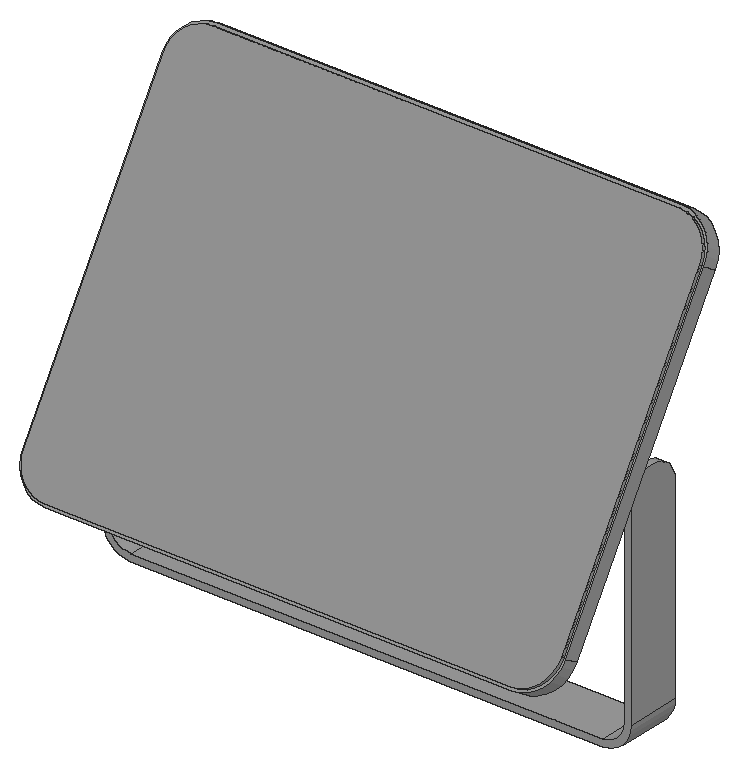
Revit family "0048240", category Lighting Fixtures, host Face, Revit 2016
Family settings
  Host = Face
  Part Type = Normal
  Round Connector Dimension = Use Diameter
  OmniClass Number = 23.80.70.00
  OmniClass Title = Lighting
  Cut with Voids When Loaded = No
  Light Source = No
  Shared = No
  Room Calculation Point = No
Parameters (values of type "0048240 START eco Flood Flat IP65 2800lm 840 White")
  WidthBracketIn_SYL = if([10W_SYL], 102.2 mm, if([30W_SYL], 143.3 mm, if([50W_SYL], 181 mm, 262.8 mm)))  # 143.3 mm
  Weight = "6.54 kg"
  Wattage Comments = ""
  WarrantyStartDate [instance] = "n/a"
  WarrantyGuarantorParts = "n/a"
  WarrantyDurationUnit = "n/a"
  WarrantyDurationParts = "n/a"
  WarrantyDescription = "n/a"
  Voltage = 0 V
  URL = "http://www.sylvania-lighting.com"
  TypeName = "START eco Flood Flat IP65 2800lm 840 White"
  TypeLight_SYL = START eco Flood Flat Lamp : 0048240 START eco Flood Flat IP65 2800lm 840 White
  Type Image = <None>
  Type Comments = "n/a"
  ThicknessBracket_SYL = if([10W_SYL], 1.5 mm, 2 mm)  # 2 mm
  SerialNumber [instance] = "n/a"
  RotationAngle_SYL [instance] = 32.00°
  RadiusBracket_SYL = if([10W_SYL], 7.7 mm, if([30W_SYL], 8 mm, if([50W_SYL], 17 mm, 14 mm)))  # 8 mm
  RadiusBracketIn_SYL = RadiusBracket_SYL - ThicknessBracket_SYL  # 6 mm
  OffsetAxis_SYL = DepthBracket_SYL / 2  # 7.5 mm
  PowerFactor = 0.9
  PowerConsumption = "30 W"
  NominalLength = 156 mm
  NominalHeight = 38 mm
  NominalDepth = 126 mm
  Name = "START eco Flood Flat IP65 2800lm 840 White"
  ModelReference = Name  # "START eco Flood Flat IP65 2800lm 840 White"
  ModelNumber = "0048240"
  Model = Name  # "START eco Flood Flat IP65 2800lm 840 White"
  Material = "adc12 housing"
  ManufacturerName = "Feilo Sylvania"
  Manufacturer = "Feilo Sylvania"
  LuminousEfficacy = "95 lm/W"
  LuminaireType = ""
  LightOutputRatio = "n/a"
  LampsType = Lamp  # "LED"
  LampNominalLuminous = "2850 lm"
  LampMacAdamStep = "n/a"
  LampColourTemperature = "4000 K"
  LampColourRenderingIndex = "80"
  Lamp = "LED"
  Keynote = "16500"
  InstallationDate [instance] = "n/a"
  InputVoltage = "n/a"
  InputNominalFrequency = "n/a"
  IngressProtection = "IP65"
  ImpactProtectionIndex = "IK06"
  IfcExportType = "IfcLightFixtureType"
  IfcExportAs = "IfcLightFixtureType"
  HeightBracket_SYL = if([10W_SYL], 55 mm, if([30W_SYL], 70 mm, if([50W_SYL], 110 mm, 141 mm)))  # 70 mm
  ExpectedLife = 30000
  EndAngle_SYL [instance] = RotationAngle_SYL + 180.00°  # 212.00°
  ElectricShockClassification = "Class I"
  DurationUnit = "hours"
  DocumentationLiterature = "http://www.sylvania-lighting.com/product/en-int/products/0048240"
  DimmingControlOptions = "n/a"
  Description = "The new Start eco Flood Flat comes with improved design. The streamlined, durable, lightweight die-cast aluminium body makes it a perfect choice for building facades, car parks, garages and construction areas. The product includes 1 m pre-wired stripped cable and fitting bracket for quick and easy installation and the universal mounting bracket allows wall or surface mounting with the possibility of vertical tilting. Black die-cast aluminum housing, white reflector, 2850 lm, 30 W, 95 lm/W, 4000K, drive current 116 mA, non dimmable, CRI>80, IP65, IK06, Class I, lumen maintenance L70:B50: 30000 hrs, 156 x 126 x 38 mm (L x W x H). Weight: 0.545kg. Energy class: A++ A+ A."
  DepthBracket_SYL = if([10W_SYL], 15 mm, if([30W_SYL], 15 mm, if([50W_SYL], 17 mm, 25 mm)))  # 15 mm
  Default Elevation = 1219.2 mm
  CreatedOn = "10/8/2018"
  CreatedBy = "@sylvania-lighting.com"
  Cost = 0
  built-in parameter 1114216 [instance] = (empty or 0)
  ClassificationValue = "EF_70_80"
  ClassificationName = "Uniclass2015"
  Material_1_SYL = Body-Sylvania-FloodFlat-Black
  BarCode [instance] = "n/a"
  AssetType = "Fixed"
  AssetIdentifier [instance] = "n/a"
  Assembly Code = "D5020200"
  Apparent Load = 30 VA
  50W_SYL = no
  30W_SYL = yes
  10W_SYL = no
Reference planes
  plane 1 "Center (Front/Back)": y = 0
  plane 2: z = 0
  plane 3 "Center (Left/Right)": x = 0
  plane 4: x = -73.65
  plane 5: x = 73.65
  plane 6: z = 70
  plane 7: z = 62.5
  plane 8: x = -71.65
  plane 9: x = 71.65
  plane 10: z = 2
  plane 11: y = 7.5
  plane 12: y = -7.5
  plane 13: x = -65.65
  plane 14: z = 8
  plane 15: x = 65.65
  plane 16: y = -9.5
  plane 17: z = 72
  plane 18: y = 9.5
Forms (mm)
  Extrusion 1, solid, material "Body-Sylvania-FloodFlat-Black" <- "Material_1_SYL"
    sketch origin (0, 0, 0) x (1, 0, 0) y (0, 0, 1)
      loop
        line (-71.65, 70) -> (-73.65, 70) -> (-73.65, 8)
        arc (-73.65, 8) -> (-71.307, 2.343) -> (-65.65, 0) r 8
        line (-65.65, 0) -> (65.65, 0)
        arc (65.65, 0) -> (71.307, 2.343) -> (73.65, 8) r 8
        line (73.65, 8) -> (73.65, 70) -> (71.65, 70) -> (71.65, 8)
        arc (71.65, 8) -> (69.893, 3.757) -> (65.65, 2) r 6
        line (65.65, 2) -> (-65.65, 2)
        arc (-65.65, 2) -> (-69.893, 3.757) -> (-71.65, 8) r 6
        line (-71.65, 8) -> (-71.65, 70)
    from -7.5 to 7.5
  Extrusion 2, void
    sketch origin (0, 0, 0) x (0, 1, 0) y (0, 0, 1)
      loop
        line (7.5, 62.5) -> (9.5, 62.5) -> (9.5, 72) -> (-9.5, 72) -> (-9.5, 62.5) -> (-7.5, 62.5)
        arc (-7.5, 62.5) -> (0, 70) -> (7.5, 62.5) r 7.5
    from -73.65 to 73.65
  Revolve 3, solid, not visible
    sketch origin (0, 0, 0) x (1, 0, 0) y (0, 0, 1)
      loop
        line (0, 62.5) -> (0, 70) -> (-12.336, 70) -> (-12.336, 62.5) -> (0, 62.5)
      axis (0, 62.5) -> (-12.336, 62.5)
    angle from 32 <- "RotationAngle_SYL" to 212 <- "EndAngle_SYL"
Cuts and joins
  Extrusion 2 cuts Extrusion 1
Dimensions and locks
  equal spacing: plane 9, plane 3 "Center (Left/Right)", plane 8
  "WidthBracketIn_SYL": plane 9 to plane 8
  "ThicknessBracket_SYL": plane 8 to plane 4
  "ThicknessBracket_SYL": plane 5 to plane 9
  "ThicknessBracket_SYL": plane 10 to plane 2
  equal spacing: plane 12, plane 1 "Center (Front/Back)", plane 11
  "DepthBracket_SYL": plane 12 to plane 11
  "OffsetAxis_SYL": plane 7 to plane 6
  "HeightBracket_SYL": plane 6 to plane 2
  "RadiusBracket_SYL": plane 14 to plane 2
  equal spacing: plane 15, plane 3 "Center (Left/Right)", plane 13
  "RadiusBracket_SYL": plane 13 to plane 4
  equal spacing: plane 16, plane 1 "Center (Front/Back)", plane 18
  locked: plane 16 to plane 12 at 2
  locked: plane 6 to plane 17 at 2
  "RadiusBracket_SYL": radius of Extrusion 1 sketch curve  (x2)
  "RadiusBracketIn_SYL": radius of Extrusion 1 sketch curve  (x2)
  aligned and locked: plane 2 to host face
  aligned and locked: level to host face
  aligned and locked: Extrusion 1 sketch curve to plane 6  (x2)
  aligned and locked: Extrusion 1 sketch curve to plane 4
  aligned and locked: plane 5 to Extrusion 1 sketch curve
  aligned and locked: Extrusion 1 sketch curve to plane 9
  aligned and locked: Extrusion 1 sketch curve to plane 2
  aligned and locked: plane 13 to Extrusion 1 sketch curve
  aligned and locked: plane 14 to Extrusion 1 sketch curve  (x2)
  aligned and locked: plane 15 to Extrusion 1 sketch curve
  aligned and locked: Extrusion 1 to plane 11
  aligned and locked: plane 12 to Extrusion 1
  aligned and locked: plane 11 to Extrusion 2 sketch curve
  aligned and locked: plane 1 "Center (Front/Back)" to Extrusion 2 sketch curve
  aligned and locked: plane 7 to Extrusion 2 sketch curve
  aligned and locked: plane 17 to Extrusion 2 sketch curve
  aligned and locked: plane 18 to Extrusion 2 sketch curve
  aligned and locked: Extrusion 2 sketch curve to plane 16
  aligned and locked: Extrusion 2 sketch curve to plane 7  (x2)
  aligned and locked: plane 5 to Extrusion 2
  aligned and locked: Extrusion 2 to plane 4
  aligned and locked: Revolve 3 sketch curve to plane 7  (x2)
  aligned and locked: Revolve 3 sketch curve to plane 3 "Center (Left/Right)"
  aligned and locked: plane 6 to Revolve 3 sketch curve
  aligned and locked: plane 3 "Center (Left/Right)" to nested 1
Automatic sketch dimensions
  host sketch curve to host sketch curve = 2438.4 mm  (x2)
  Revolve 3 sketch curve to plane 3 "Center (Left/Right)" = 12.336 mm
  Revolve 3 sketch curve to plane 4 = 1122.5 mm
  plane 5 to Revolve 3 sketch curve = 1130.9 mm
Nested families
  nested 1: "START eco Flood Flat Lamp" at (0, 3.021, 67.334) x (1, 0, 0) z (0, -0.848, 0.5299), type <- "TypeLight_SYL", type "0048240 START eco Flood Flat IP65 2800lm 840 White"
    with built-in parameter 1114216 (empty or 0), Width_SYL 151 mm, WidthLEDBoard_SYL 83 mm, WidthVignette_SYL 120 mm, WidthBoltHousing_SYL 15.5 mm, ThicknessScreen_SYL 5.2 mm, RotationAxisFromTop_SYL 61.7 mm, RadiusLEDBoard_SYL 2 mm, RadiusDiffuser_SYL 9.9 mm, RadiusCorners_SYL 10.7 mm, RadiusBoltHousing_SYL 4.9 mm, RadiusBack_SYL 8.117 mm, RadiusBackB_SYL 6.179 mm, OffsetYBack_SYL 7.75 mm, OffsetYBackB_SYL 1.938 mm, OffsetXBack_SYL 7.75 mm, OffsetXBackB_SYL 1.938 mm, OffsetBoltHousing_SYL 3.875 mm, InsertionPlaneFromTop_SYL 14.5 mm, Height_SYL 112 mm, HeightVignette_SYL 81 mm, HeightLEDBoard_SYL 39 mm, DepthLEDBoard_SYL 2.211 mm, DepthBack_SYL 14.7 mm, RadiusVignette_SYL 4.1 mm, DepthReflector_SYL 9.95 mm, Apparent Load 30 VA, 30W_SYL yes
Connectors
  electrical at (0, 0, 0), driven by "Apparent Load", driven by "PowerFactor", driven by "Voltage"
    settings: index 1, voltage 0 V, apparent load 30 VA, apparent load phase1 0 VA, apparent load phase2 0 VA, apparent load phase3 0 VA, power factor 0.9, load classification "Lighting", number of poles 1, system type 30, power factor state 1, is connector primary yes, connector utility no, sub classification motor no, connector description ""
Definition of nested family "START eco Flood Flat Lamp"
  Parameters (values of type "0047977 ST E FLD FLT IP65 9000LM 840")
    Width_SYL = if([10W_SYL], 110 mm, if([30W_SYL], 151 mm, if([50W_SYL], 189 mm, 275 mm)))  # 275 mm
    WidthLEDBoard_SYL = if([10W_SYL], 40 mm, if([30W_SYL], 83 mm, if([50W_SYL], 80 mm, 180 mm)))  # 180 mm
    WidthVignette_SYL = if([10W_SYL], 78.6 mm, if([30W_SYL], 120 mm, if([50W_SYL], 157 mm, 226 mm)))  # 226 mm
    WidthBoltHousing_SYL = 4 * OffsetBoltHousing_SYL  # 24.5 mm
    Wattage Comments = "n/a"
    Wattage = 100 W
    built-in parameter 1150110 = 1 (stored number, unit not read)
    URL = "http://www.sylvania-lighting.com"
    Type Image = (empty or 0)
    Type Comments = "n/a"
    built-in parameter 1114217 = 1 (stored number, unit not read)
    Tilt Angle = -90.00°
    ThicknessScreen_SYL = if([10W_SYL], 5 mm, if([30W_SYL], 5.2 mm, if([50W_SYL], 5.4 mm, 6.1 mm)))  # 6.1 mm
    ThicknessDiffuser_SYL = 0.8 mm  # constant formula
    built-in parameter 1150109 = 1 (stored number, unit not read)
    built-in parameter 1150134 = 12
    built-in parameter 1150113 = 1 (stored number, unit not read)
    RotationAxisFromTop_SYL = if([10W_SYL], 48.8 mm, if([30W_SYL], 61.7 mm, if([50W_SYL], 91.3 mm, 133.4 mm)))  # 133.4 mm
    RadiusLEDBoard_SYL = if([10W_SYL], 1.5 mm, if([30W_SYL], 2 mm, if([50W_SYL], 1.9 mm, 3.7 mm)))  # 3.7 mm
    RadiusDiffuser_SYL = RadiusCorners_SYL - ThicknessDiffuser_SYL  # 13.4 mm
    RadiusCorners_SYL = if([10W_SYL], 10.5 mm, if([30W_SYL], 10.7 mm, if([50W_SYL], 10.7 mm, 14.2 mm)))  # 14.2 mm
    RadiusBoltHousing_SYL = if([10W_SYL], 4.1 mm, if([30W_SYL], 4.9 mm, if([50W_SYL], 5 mm, 8.1 mm)))  # 8.1 mm
    RadiusBack_SYL = RadiusCorners_SYL - OffsetXBack_SYL / 3  # 10.117 mm
    RadiusBackB_SYL = RadiusBack_SYL - OffsetXBackB_SYL  # 7.054 mm
    Photometric Web File = "0047977.ies"
    PIR_SYL = no
    PIRHolderRadius_SYL = PIRBaseFillet_SYL + 2 mm  # 11 mm
    PIRFillet_SYL = 3 mm  # constant formula
    PIRBaseWidth_SYL = 38 mm
    PIRBaseFillet_SYL = PIRBaseDepth_SYL / 2  # 9 mm
    PIRBaseDepth_SYL = 18 mm
    OffsetYBack_SYL = (Height_SYL - HeightVignette_SYL) / 4  # 11 mm
    OffsetYBackB_SYL = OffsetYBack_SYL / 4  # 2.75 mm
    OffsetXBack_SYL = (Width_SYL - WidthVignette_SYL) / 4  # 12.25 mm
    OffsetXBackB_SYL = OffsetXBack_SYL / 4  # 3.063 mm
    OffsetBoltHousing_SYL = OffsetXBack_SYL / 2  # 6.125 mm
    Material_7_SYL = none
    Material_6_SYL = none
    Material_5_SYL = none
    Material_3_SYL = none
    Model = "START eco Flood Flat IP65 9000lm 840"
    Manufacturer = "Feilo Sylvania"
    built-in parameter 1150105 = 3437 (stored number, unit not read)
    Lumens = 9500 lm
    built-in parameter 1150115 = 1 (stored number, unit not read)
    built-in parameter 1150137 = (empty or 0)
    built-in parameter 1150139 = (empty or 0)
    built-in parameter 1150112 = 1 (stored number, unit not read)
    built-in parameter 1150114 = 1 (stored number, unit not read)
    Lamp = "LED"
    Keynote = "16500"
    Material_2_SYL = none
    InsertionPlaneFromTop_SYL = if([10W_SYL], 15.1 mm, if([30W_SYL], 14.5 mm, if([50W_SYL], 14.8 mm, 19.3 mm)))  # 19.3 mm
    built-in parameter 1150132 = (empty or 0)
    built-in parameter 1150102 = (empty or 0)
    built-in parameter 1150107 = 4000 (stored number, unit not read)
    built-in parameter 1150138 = (empty or 0)
    built-in parameter 1150106 = 34.37 (stored number, unit not read)
    Height_SYL = if([10W_SYL], 81.6 mm, if([30W_SYL], 112 mm, if([50W_SYL], 140.5 mm, 211 mm)))  # 211 mm
    HeightVignette_SYL = if([10W_SYL], 50 mm, if([30W_SYL], 81 mm, if([50W_SYL], 110 mm, 167 mm)))  # 167 mm
    HeightLEDBoard_SYL = if([10W_SYL], 25 mm, if([30W_SYL], 39 mm, if([50W_SYL], 56 mm, 132 mm)))  # 132 mm
    Emit from Rectangle Width = HeightVignette_SYL - 2 * RadiusVignette_SYL  # 146.2 mm
    Emit from Rectangle Length = WidthVignette_SYL - 2 * RadiusVignette_SYL  # 205.2 mm
    Emit Shape Visible in Rendering = no
    built-in parameter 1150104 = 8.8258 (stored number, unit not read)
    Dimming Lamp Color Temperature Shift = (empty or 0)
    DepthLEDBoard_SYL = (ThicknessScreen_SYL + DepthBack_SYL) / 9  # 2.289 mm
    DepthBack_SYL = if([10W_SYL], 10.2 mm, if([30W_SYL], 14.7 mm, if([50W_SYL], 16.9 mm, 14.5 mm)))  # 14.5 mm
    RadiusVignette_SYL = if([10W_SYL], 4.1 mm, if([30W_SYL], 4.1 mm, if([50W_SYL], 4.1 mm, 10.4 mm)))  # 10.4 mm
    Description = "The new Start eco Flood Flat comes with improved design. The streamlined, durable, lightweight die-cast aluminium body makes it a perfect choice for building facades, car parks, garages and construction areas. The product includes 1 m pre-wired stripped cable and fitting bracket for quick and easy installation and the universal mounting bracket allows wall or surface mounting with the possibility of vertical tilting. Black die-cast aluminum housing, white reflector, 9500 lm, 100 W, 95 lm/W, 4000K, drive current 386 mA, non dimmable, CRI>80, IP65, IK07, Class I, lumen maintenance L70:B50: 30000 hrs, 283 x 263 x 44 mm (L x W x H). Weight: 1.775kg. Energy class: A++ A+ A."
    DepthReflector_SYL = (ThicknessScreen_SYL + DepthBack_SYL) / 2  # 10.3 mm
    Default Elevation = 1219.2 mm
    Cost = 0
    Color Filter = 16777215
    built-in parameter 1114216 [instance] = (empty or 0)
    Material_1_SYL = none
    built-in parameter 1114218 = 1 (stored number, unit not read)
    built-in parameter 1150133 = 10 (stored number, unit not read)
    Assembly Code = "D5020200"
    Apparent Load = 100 VA
    Material_4_SYL = none
    50W_SYL = no
    30W_SYL = no
    10W_SYL = no
  Types (16, lengths in mm): name | Width_SYL | WidthLEDBoard_SYL | WidthVignette_SYL | WidthBoltHousing_SYL | Wattage | ThicknessScreen_SYL | built-in parameter 1150134 | RotationAxisFromTop_SYL | RadiusLEDBoard_SYL | RadiusDiffuser_SYL | RadiusCorners_SYL | RadiusBoltHousing_SYL | RadiusBack_SYL | RadiusBackB_SYL | Photometric Web File | PIR_SYL | OffsetYBack_SYL | OffsetYBackB_SYL | OffsetXBack_SYL | OffsetXBackB_SYL | OffsetBoltHousing_SYL | Model | built-in parameter 1150105 | Lumens | InsertionPlaneFromTop_SYL | built-in parameter 1150107 | built-in parameter 1150106 | Height_SYL | HeightVignette_SYL | HeightLEDBoard_SYL | Emit from Rectangle Width | Emit from Rectangle Length | built-in parameter 1150104 | DepthLEDBoard_SYL | DepthBack_SYL | RadiusVignette_SYL | Description | DepthReflector_SYL | Apparent Load | 50W_SYL | 30W_SYL | 10W_SYL
    0047977 ST E FLD FLT IP65 9000LM 840 | 275 | 180 | 226 | 24.5 | 100 W | 6.1 | 12 | 133.4 | 3.7 | 13.4 | 14.2 | 8.1 | 10.117 | 7.054 | "0047977.ies" | no | 11 | 2.75 | 12.25 | 3.063 | 6.125 | "START eco Flood Flat IP65 9000lm 840" | 3437 (stored number, unit not read) | 9500 lm | 19.3 | 4000 (stored number, unit not read) | 34.37 (stored number, unit not read) | 211 | 167 | 132 | 146.2 | 205.2 | 8.8258 (stored number, unit not read) | 2.289 | 14.5 | 10.4 | "The new Start eco Flood Flat comes with improved design. The streamlined, durable, lightweight die-cast aluminium body makes it a perfect choice for building facades, car parks, garages and construction areas. The product includes 1 m pre-wired stripped cable and fitting bracket for quick and easy installation and the universal mounting bracket allows wall or surface mounting with the possibility of vertical tilting. Black die-cast aluminum housing, white reflector, 9500 lm, 100 W, 95 lm/W, 4000K, drive current 386 mA, non dimmable, CRI>80, IP65, IK07, Class I, lumen maintenance L70:B50: 30000 hrs, 283 x 263 x 44 mm (L x W x H). Weight: 1.775kg. Energy class: A++ A+ A." | 10.3 | 100 VA | no | no | no
    0047976 ST E FLD FLT IP65 9000LM 830 | 275 | 180 | 226 | 24.5 | 100 W | 6.1 | (empty or 0) | 133.4 | 3.7 | 13.4 | 14.2 | 8.1 | 10.117 | 7.054 | "0047976.ies" | no | 11 | 2.75 | 12.25 | 3.063 | 6.125 | "START eco Flood Flat IP65 9000lm 830" | 3256.1 (stored number, unit not read) | 9000 lm | 19.3 | 3000 (stored number, unit not read) | 32.561 (stored number, unit not read) | 211 | 167 | 132 | 146.2 | 205.2 | 8.3613 (stored number, unit not read) | 2.289 | 14.5 | 10.4 | "The new Start eco Flood Flat comes with improved design. The streamlined, durable, lightweight die-cast aluminium body makes it a perfect choice for building facades, car parks, garages and construction areas. The product includes 1 m pre-wired stripped cable and fitting bracket for quick and easy installation and the universal mounting bracket allows wall or surface mounting with the possibility of vertical tilting. Black die-cast aluminum housing, white reflector, 9000 lm, 100 W, 90 lm/W, 3000K, drive current 386 mA, non dimmable, CRI>80, IP65, IK07, Class I, lumen maintenance L70:B50: 30000 hrs, 283 x 263 x 44 mm (L x W x H). Weight: 1.775kg. Energy class: A++ A+ A." | 10.3 | 100 VA | no | no | no
    0047973 ST E FLD FLT IP65 6500LM 840 | 275 | 180 | 226 | 24.5 | 70 W | 6.1 | 12 | 133.4 | 3.7 | 13.4 | 14.2 | 8.1 | 10.117 | 7.054 | "0047973.ies" | no | 11 | 2.75 | 12.25 | 3.063 | 6.125 | "START eco Flood Flat IP65 6500lm 840" | 2460.1 (stored number, unit not read) | 6650 lm | 19.3 | 4000 (stored number, unit not read) | 24.601 (stored number, unit not read) | 211 | 167 | 132 | 146.2 | 205.2 | 8.8258 (stored number, unit not read) | 2.289 | 14.5 | 10.4 | "The new Start eco Flood Flat comes with improved design. The streamlined, durable, lightweight die-cast aluminium body makes it a perfect choice for building facades, car parks, garages and construction areas. The product includes 1 m pre-wired stripped cable and fitting bracket for quick and easy installation and the universal mounting bracket allows wall or surface mounting with the possibility of vertical tilting. Black die-cast aluminum housing, white reflector, 6650 lm, 70 W, 95 lm/W, 4000K, drive current 270 mA, non dimmable, CRI>80, IP65, IK07, Class I, lumen maintenance L70:B50: 30000 hrs, 283 x 263 x 44 mm (L x W x H). Weight: 1.775kg. Energy class: A++ A+ A." | 10.3 | 70 VA | no | no | no
    0047972 ST E FLD FLT IP65 6500LM 830 | 275 | 180 | 226 | 24.5 | 70 W | 6.1 | (empty or 0) | 133.4 | 3.7 | 13.4 | 14.2 | 8.1 | 10.117 | 7.054 | "0047972.ies" | no | 11 | 2.75 | 12.25 | 3.063 | 6.125 | "START eco Flood Flat IP65 6500lm 830" | 2330.6 (stored number, unit not read) | 6300 lm | 19.3 | 3000 (stored number, unit not read) | 23.306 (stored number, unit not read) | 211 | 167 | 132 | 146.2 | 205.2 | 8.3613 (stored number, unit not read) | 2.289 | 14.5 | 10.4 | "The new Start eco Flood Flat comes with improved design. The streamlined, durable, lightweight die-cast aluminium body makes it a perfect choice for building facades, car parks, garages and construction areas. The product includes 1 m pre-wired stripped cable and fitting bracket for quick and easy installation and the universal mounting bracket allows wall or surface mounting with the possibility of vertical tilting. Black die-cast aluminum housing, white reflector, 6300 lm, 70 W, 90 lm/W, 3000K, drive current 270 mA, non dimmable, CRI>80, IP65, IK07, Class I, lumen maintenance L70:B50: 30000 hrs, 283 x 263 x 44 mm (L x W x H). Weight: 1.775kg. Energy class: A++ A+ A." | 10.3 | 70 VA | no | no | no
    0047971 ST E FLD FLT IP54 PIR 4500LM 840 | 189 | 80 | 157 | 16 | 51 W | 5.4 | 12 | 91.3 | 1.9 | 9.9 | 10.7 | 5 | 8.033 | 6.033 | "0047971.ies" | yes | 7.625 | 1.906 | 8 | 2 | 4 | "START eco Flood Flat IP54 PIR 4500lm 840" | 1695.8 (stored number, unit not read) | 4743 lm | 14.8 | 4000 (stored number, unit not read) | 16.958 (stored number, unit not read) | 140.5 | 110 | 56 | 101.8 | 148.8 | 8.64 (stored number, unit not read) | 2.478 | 16.9 | 4.1 | "The new Start eco Flood Flat comes with improved design. The streamlined, durable, lightweight die-cast aluminium body makes it a perfect choice for building facades, car parks, garages and construction areas. The product includes 1 m pre-wired stripped cable and fitting bracket for quick and easy installation and the universal mounting bracket allows wall or surface mounting with the possibility of vertical tilting. Black die-cast aluminum housing, white reflector, 4750 lm, 51 W, 93 lm/W, 4000K, drive current 193 mA, non dimmable, CRI>80, IP54, IK07 - fixture, IK05 - sensor, Class I, lumen maintenance L70:B50: 30000 hrs, 193 x 216 x 70 mm (L x W x H). Weight: 0.85kg.  PIR sensor included. Energy class: A++ A+ A." | 11.15 | 51 VA | yes | no | no
    0047970 ST E FLD FLT IP54 PIR 4500LM 830 | 189 | 80 | 157 | 16 | 51 W | 5.4 | (empty or 0) | 91.3 | 1.9 | 9.9 | 10.7 | 5 | 8.033 | 6.033 | "0047970.ies" | yes | 7.625 | 1.906 | 8 | 2 | 4 | "START eco Flood Flat IP54 PIR 4500lm 830" | 1604.6 (stored number, unit not read) | 4488 lm | 14.8 | 3000 (stored number, unit not read) | 16.046 (stored number, unit not read) | 140.5 | 110 | 56 | 101.8 | 148.8 | 8.1755 (stored number, unit not read) | 2.478 | 16.9 | 4.1 | "The new Start eco Flood Flat comes with improved design. The streamlined, durable, lightweight die-cast aluminium body makes it a perfect choice for building facades, car parks, garages and construction areas. The product includes 1 m pre-wired stripped cable and fitting bracket for quick and easy installation and the universal mounting bracket allows wall or surface mounting with the possibility of vertical tilting. Black die-cast aluminum housing, white reflector, 4500 lm, 51 W, 88 lm/W, 3000K, drive current 193 mA, non dimmable, CRI>80, IP54, IK07 - fixture, IK05 - sensor, Class I, lumen maintenance L70:B50: 30000 hrs, 193 x 216 x 70 mm (L x W x H). Weight: 0.85kg.  PIR sensor included. Energy class: A++ A+ A." | 11.15 | 51 VA | yes | no | no
    0047969 ST E FLD FLT IP65 4500LM 840 | 189 | 80 | 157 | 16 | 50 W | 5.4 | 12 | 91.3 | 1.9 | 9.9 | 10.7 | 5 | 8.033 | 6.033 | "0047969.ies" | no | 7.625 | 1.906 | 8 | 2 | 4 | "START eco Flood Flat IP65 4500lm 840" | 1698.3 (stored number, unit not read) | 4750 lm | 14.8 | 4000 (stored number, unit not read) | 16.983 (stored number, unit not read) | 140.5 | 110 | 56 | 101.8 | 148.8 | 8.8258 (stored number, unit not read) | 2.478 | 16.9 | 4.1 | "The new Start eco Flood Flat comes with improved design. The streamlined, durable, lightweight die-cast aluminium body makes it a perfect choice for building facades, car parks, garages and construction areas. The product includes 1 m pre-wired stripped cable and fitting bracket for quick and easy installation and the universal mounting bracket allows wall or surface mounting with the possibility of vertical tilting. Black die-cast aluminum housing, white reflector, 4750 lm, 50 W, 95 lm/W, 4000K, drive current 193 mA, non dimmable, CRI>80, IP65, IK07, Class I, lumen maintenance L70:B50: 30000 hrs, 193 x 190 x 48 mm (L x W x H). Weight: 0.785kg. Energy class: A++ A+ A." | 11.15 | 50 VA | yes | no | no
    0047968 ST E FLD FLT IP65 4500LM 830 | 189 | 80 | 157 | 16 | 50 W | 5.4 | (empty or 0) | 91.3 | 1.9 | 9.9 | 10.7 | 5 | 8.033 | 6.033 | "0047968.ies" | no | 7.625 | 1.906 | 8 | 2 | 4 | "START eco Flood Flat IP65 4500lm 830" | 1608.9 (stored number, unit not read) | 4500 lm | 14.8 | 3000 (stored number, unit not read) | 16.089 (stored number, unit not read) | 140.5 | 110 | 56 | 101.8 | 148.8 | 8.3613 (stored number, unit not read) | 2.478 | 16.9 | 4.1 | "The new Start eco Flood Flat comes with improved design. The streamlined, durable, lightweight die-cast aluminium body makes it a perfect choice for building facades, car parks, garages and construction areas. The product includes 1 m pre-wired stripped cable and fitting bracket for quick and easy installation and the universal mounting bracket allows wall or surface mounting with the possibility of vertical tilting. Black die-cast aluminum housing, white reflector, 4500 lm, 50 W, 90 lm/W, 3000K, drive current 193 mA, non dimmable, CRI>80, IP65, IK07, Class I, lumen maintenance L70:B50: 30000 hrs, 193 x 190 x 48 mm (L x W x H). Weight: 0.785kg. Energy class: A++ A+ A." | 11.15 | 50 VA | yes | no | no
    0047967 ST E FLD FLT IP54 PIR 2800LM 840 | 151 | 83 | 120 | 15.5 | 31 W | 5.2 | 12 | 61.7 | 2 | 9.9 | 10.7 | 4.9 | 8.117 | 6.179 | "0047967.ies" | yes | 7.75 | 1.938 | 7.75 | 1.938 | 3.875 | "START eco Flood Flat IP54 PIR 2800lm 840" | 1045.5 (stored number, unit not read) | 2852 lm | 14.5 | 4000 (stored number, unit not read) | 10.455 (stored number, unit not read) | 112 | 81 | 39 | 72.8 | 111.8 | 8.5471 (stored number, unit not read) | 2.211 | 14.7 | 4.1 | "The new Start eco Flood Flat comes with improved design. The streamlined, durable, lightweight die-cast aluminium body makes it a perfect choice for building facades, car parks, garages and construction areas. The product includes 1 m pre-wired stripped cable and fitting bracket for quick and easy installation and the universal mounting bracket allows wall or surface mounting with the possibility of vertical tilting. Black die-cast aluminum housing, white reflector, 2850 lm, 31 W, 92 lm/W, 4000K, drive current 116 mA, non dimmable, CRI>80, IP54, IK06 - fixture, IK05 - sensor, Class I, lumen maintenance L70:B50: 30000 hrs, 156 x 178 x 67 mm (L x W x H). Weight: 0.61kg.  PIR sensor included. Energy class: A++ A+ A." | 9.95 | 31 VA | no | yes | no
    0047966 ST E FLD FLT IP54 PIR 2800LM 830 | 151 | 83 | 120 | 15.5 | 31 W | 5.2 | (empty or 0) | 61.7 | 2 | 9.9 | 10.7 | 4.9 | 8.117 | 6.179 | "0047966.ies" | yes | 7.75 | 1.938 | 7.75 | 1.938 | 3.875 | "START eco Flood Flat IP54 PIR 2800lm 830" | 988.72 (stored number, unit not read) | 2697 lm | 14.5 | 3000 (stored number, unit not read) | 9.8872 (stored number, unit not read) | 112 | 81 | 39 | 72.8 | 111.8 | 8.0826 (stored number, unit not read) | 2.211 | 14.7 | 4.1 | "The new Start eco Flood Flat comes with improved design. The streamlined, durable, lightweight die-cast aluminium body makes it a perfect choice for building facades, car parks, garages and construction areas. The product includes 1 m pre-wired stripped cable and fitting bracket for quick and easy installation and the universal mounting bracket allows wall or surface mounting with the possibility of vertical tilting. Black die-cast aluminum housing, white reflector, 2700 lm, 31 W, 87 lm/W, 3000K, drive current 116 mA, non dimmable, CRI>80, IP54, IK06 - fixture, IK05 - sensor, Class I, lumen maintenance L70:B50: 30000 hrs, 156 x 178 x 67 mm (L x W x H). Weight: 0.61kg.  PIR sensor included. Energy class: A++ A+ A." | 9.95 | 31 VA | no | yes | no
    0047965 ST E FLD FLT IP65 2800LM 840 | 151 | 83 | 120 | 15.5 | 30 W | 5.2 | 12 | 61.7 | 2 | 9.9 | 10.7 | 4.9 | 8.117 | 6.179 | "0047965.ies" | no | 7.75 | 1.938 | 7.75 | 1.938 | 3.875 | "START eco Flood Flat IP65 2800lm 840" | 1044.8 (stored number, unit not read) | 2850 lm | 14.5 | 4000 (stored number, unit not read) | 10.448 (stored number, unit not read) | 112 | 81 | 39 | 72.8 | 111.8 | 8.8258 (stored number, unit not read) | 2.211 | 14.7 | 4.1 | "The new Start eco Flood Flat comes with improved design. The streamlined, durable, lightweight die-cast aluminium body makes it a perfect choice for building facades, car parks, garages and construction areas. The product includes 1 m pre-wired stripped cable and fitting bracket for quick and easy installation and the universal mounting bracket allows wall or surface mounting with the possibility of vertical tilting. Black die-cast aluminum housing, white reflector, 2850 lm, 30 W, 95 lm/W, 4000K, drive current 116 mA, non dimmable, CRI>80, IP65, IK06, Class I, lumen maintenance L70:B50: 30000 hrs, 156 x 126 x 38 mm (L x W x H). Weight: 0.545kg. Energy class: A++ A+ A." | 9.95 | 30 VA | no | yes | no
    0047964 ST E FLD FLT IP65 2800LM 830 | 151 | 83 | 120 | 15.5 | 30 W | 5.2 | (empty or 0) | 61.7 | 2 | 9.9 | 10.7 | 4.9 | 8.117 | 6.179 | "0047964.ies" | no | 7.75 | 1.938 | 7.75 | 1.938 | 3.875 | "START eco Flood Flat IP65 2800lm 830" | 989.82 (stored number, unit not read) | 2700 lm | 14.5 | 3000 (stored number, unit not read) | 9.8982 (stored number, unit not read) | 112 | 81 | 39 | 72.8 | 111.8 | 8.3613 (stored number, unit not read) | 2.211 | 14.7 | 4.1 | "The new Start eco Flood Flat comes with improved design. The streamlined, durable, lightweight die-cast aluminium body makes it a perfect choice for building facades, car parks, garages and construction areas. The product includes 1 m pre-wired stripped cable and fitting bracket for quick and easy installation and the universal mounting bracket allows wall or surface mounting with the possibility of vertical tilting. Black die-cast aluminum housing, white reflector, 2700 lm, 30 W, 90 lm/W, 3000K, drive current 116 mA, non dimmable, CRI>80, IP65, IK06, Class I, lumen maintenance L70:B50: 30000 hrs, 156 x 126 x 38 mm (L x W x H). Weight: 0.545kg. Energy class: A++ A+ A." | 9.95 | 30 VA | no | yes | no
    0047963 ST E FLD FLT IP54 PIR 900LM 840 | 110 | 40 | 78.6 | 15.7 | 11 W | 5 | 12 | 48.8 | 1.5 | 9.7 | 10.5 | 4.1 | 7.883 | 5.921 | "0047963.ies" | yes | 7.9 | 1.975 | 7.85 | 1.963 | 3.925 | "START eco Flood Flat IP54 PIR 900lm 840" | 365.78 (stored number, unit not read) | 946 lm | 15.1 | 4000 (stored number, unit not read) | 3.6578 (stored number, unit not read) | 81.6 | 50 | 25 | 41.8 | 70.4 | 7.9897 (stored number, unit not read) | 1.689 | 10.2 | 4.1 | "The new Start eco Flood Flat comes with improved design. The streamlined, durable, lightweight die-cast aluminium body makes it a perfect choice for building facades, car parks, garages and construction areas. The product includes 1 m pre-wired stripped cable and fitting bracket for quick and easy installation and the universal mounting bracket allows wall or surface mounting with the possibility of vertical tilting. Black die-cast aluminum housing, white reflector, 950 lm, 11 W, 86 lm/W, 4000K, drive current 38.6 mA, non dimmable, CRI>80, IP54, IK06 - fixture, IK05 - sensor, Class I, lumen maintenance L70:B50: 30000 hrs, 156 x 178 x 67 mm (L x W x H). Weight: 0.61kg.  PIR sensor included. Energy class: A++ A+ A." | 7.6 | 11 VA | no | no | yes
    0047962 ST E FLD FLT IP54 PIR 900LM 830 | 110 | 40 | 78.6 | 15.7 | 11 W | 5 | (empty or 0) | 48.8 | 1.5 | 9.7 | 10.5 | 4.1 | 7.883 | 5.921 | "0047962.ies" | yes | 7.9 | 1.975 | 7.85 | 1.963 | 3.925 | "START eco Flood Flat IP54 PIR 900lm 830" | 345.53 (stored number, unit not read) | 902 lm | 15.1 | 3000 (stored number, unit not read) | 3.4553 (stored number, unit not read) | 81.6 | 50 | 25 | 41.8 | 70.4 | 7.618 (stored number, unit not read) | 1.689 | 10.2 | 4.1 | "The new Start eco Flood Flat comes with improved design. The streamlined, durable, lightweight die-cast aluminium body makes it a perfect choice for building facades, car parks, garages and construction areas. The product includes 1 m pre-wired stripped cable and fitting bracket for quick and easy installation and the universal mounting bracket allows wall or surface mounting with the possibility of vertical tilting. Black die-cast aluminum housing, white reflector, 900 lm, 11 W, 82 lm/W, 3000K, drive current 38.6 mA, non dimmable, CRI>80, IP54, IK06 - fixture, IK05 - sensor, Class I, lumen maintenance L70:B50: 30000 hrs, 156 x 178 x 67 mm (L x W x H). Weight: 0.61kg.  PIR sensor included. Energy class: A++ A+ A." | 7.6 | 11 VA | no | no | yes
    0047961 ST E FLD FLT IP65 900LM 840 | 110 | 40 | 78.6 | 15.7 | 10 W | 5 | 12 | 48.8 | 1.5 | 9.7 | 10.5 | 4.1 | 7.883 | 5.921 | "0047961.ies" | no | 7.9 | 1.975 | 7.85 | 1.963 | 3.925 | "START eco Flood Flat IP65 900lm 840" | 367.33 (stored number, unit not read) | 950 lm | 15.1 | 4000 (stored number, unit not read) | 3.6733 (stored number, unit not read) | 81.6 | 50 | 25 | 41.8 | 70.4 | 8.8258 (stored number, unit not read) | 1.689 | 10.2 | 4.1 | "The new Start eco Flood Flat comes with improved design. The streamlined, durable, lightweight die-cast aluminium body makes it a perfect choice for building facades, car parks, garages and construction areas. The product includes 1 m pre-wired stripped cable and fitting bracket for quick and easy installation and the universal mounting bracket allows wall or surface mounting with the possibility of vertical tilting. Black die-cast aluminum housing, white reflector, 950 lm, 10 W, 95 lm/W, 4000K, drive current 38.6 mA, non dimmable, CRI>80, IP65, IK06, Class I, lumen maintenance L70:B50: 30000 hrs, 114 x 96 x 38 mm (L x W x H). Weight: 0.33kg. Energy class: A++ A+ A." | 7.6 | 10 VA | no | no | yes
    0047960 ST E FLD FLT IP65 900LM 830 | 110 | 40 | 78.6 | 15.7 | 10 W | 5 | (empty or 0) | 48.8 | 1.5 | 9.7 | 10.5 | 4.1 | 7.883 | 5.921 | "0047960.ies" | no | 7.9 | 1.975 | 7.85 | 1.963 | 3.925 | "START eco Flood Flat IP65 900lm 830" | 344.76 (stored number, unit not read) | 900 lm | 15.1 | 3000 (stored number, unit not read) | 3.4476 (stored number, unit not read) | 81.6 | 50 | 25 | 41.8 | 70.4 | 8.3613 (stored number, unit not read) | 1.689 | 10.2 | 4.1 | "The new Start eco Flood Flat comes with improved design. The streamlined, durable, lightweight die-cast aluminium body makes it a perfect choice for building facades, car parks, garages and construction areas. The product includes 1 m pre-wired stripped cable and fitting bracket for quick and easy installation and the universal mounting bracket allows wall or surface mounting with the possibility of vertical tilting. Black die-cast aluminum housing, white reflector, 900 lm, 10 W, 90 lm/W, 3000K, drive current 38.6 mA, non dimmable, CRI>80, IP65, IK06, Class I, lumen maintenance L70:B50: 30000 hrs, 114 x 96 x 38 mm (L x W x H). Weight: 0.33kg. Energy class: A++ A+ A." | 7.6 | 10 VA | no | no | yes
  Reference planes
    plane 1 "Center (Front/Back)": y = 0
    plane 2: z = 0
    plane 3 "Center (Left/Right)": x = 0
    plane 4: y = 105.5
    plane 5: y = -105.5
    plane 6: x = 137.5
    plane 7: x = -137.5
    plane 8: y = 83.5
    plane 9: y = -83.5
    plane 10: x = -113
    plane 11: x = 113
    plane 12: x = -123.3
    plane 13: y = 91.3
    plane 14: y = -91.3
    plane 15: x = 123.3
    plane 16: x = -102.6
    plane 17: y = 73.1
    plane 18: x = 102.6
    plane 19: y = -73.1
    plane 20: z = 19.3
    plane 21: z = 13.2
    plane 22: z = 9
    plane 23: z = -1.3
    plane 24: x = -125.25
    plane 25: y = 94.5
    plane 26: y = -94.5
    plane 27: x = 125.25
    plane 28: x = -122.187
    plane 29: x = 122.188
    plane 30: y = 91.75
    plane 31: y = -91.75
    plane 32: z = 18.5
    plane 33: x = -90
    plane 34: x = 90
    plane 35: y = 66
    plane 36: y = -66
    plane 37: z = 6.711
    plane 38: x = -136.7
    plane 39: y = 104.7
    plane 40: y = -104.7
    plane 41: x = 136.7
    plane 42: x = -131.375
    plane 43: x = 131.375
    plane 44: x = -106.875
    plane 45: x = 106.875
    plane 46 "RotationAxis": y = -27.9
    plane 47: y = -19.8
    plane 48: x = -19
    plane 49: x = 19
    plane 50: z = -10.3
    plane 51: z = 7.7
    plane 52: x = 10
    plane 53: x = -10
    plane 54: y = -155.5
    plane 55: y = -137.5
    plane 56: y = -146.5
    plane 57: x = -9
    plane 58: x = 9
    plane 59: y = -119.7
    plane 60: y = -173.3
    plane 61: x = -35.3
    plane 62: x = 35.3
    plane 63: z = 39.2
    plane 64: z = 33.7
  Forms (mm)
    Extrusion 1, solid
      sketch origin (4.2, 0, 0) x (1, 0, 0) y (0, 1, 0)
        loop
          line (-1219.2, 1219.2) -> (-1219.2, -1219.2) -> (1219.2, -1219.2) -> (1219.2, 1219.2) -> (-1219.2, 1219.2)
      from 0 to -68.017
    Extrusion 2, solid, material <- "Material_1_SYL"
      sketch origin (1223.4, -4572, 19.3) x (0, -1, 0) y (-1, 0, 0)
        loop
          line (-4677.5, 1346.7) -> (-4677.5, 1100.1)
          arc (-4677.5, 1100.1) -> (-4673.341, 1090.059) -> (-4663.3, 1085.9) r 14.2
          line (-4663.3, 1085.9) -> (-4480.7, 1085.9)
          arc (-4480.7, 1085.9) -> (-4470.659, 1090.059) -> (-4466.5, 1100.1) r 14.2
          line (-4466.5, 1100.1) -> (-4466.5, 1346.7)
          arc (-4466.5, 1346.7) -> (-4470.659, 1356.741) -> (-4480.7, 1360.9) r 14.2
          line (-4480.7, 1360.9) -> (-4663.3, 1360.9)
          arc (-4663.3, 1360.9) -> (-4673.341, 1356.741) -> (-4677.5, 1346.7) r 14.2
      from 6.1 to 0.8
    Blend 3, solid, material <- "Material_1_SYL"
      base sketch origin (1223.4, -4572, 13.2) x (0, -1, 0) y (1, 0, 0)
        loop
          arc (-4666.5, -1338.533) -> (-4663.537, -1345.687) -> (-4656.383, -1348.65) r 10.117
          line (-4656.383, -1348.65) -> (-4487.617, -1348.65)
          arc (-4487.617, -1348.65) -> (-4480.463, -1345.687) -> (-4477.5, -1338.533) r 10.117
          line (-4477.5, -1338.533) -> (-4477.5, -1108.267)
          arc (-4477.5, -1108.267) -> (-4480.463, -1101.113) -> (-4487.617, -1098.15) r 10.117
          line (-4487.617, -1098.15) -> (-4656.383, -1098.15)
          arc (-4656.383, -1098.15) -> (-4663.537, -1101.113) -> (-4666.5, -1108.267) r 10.117
          line (-4666.5, -1108.267) -> (-4666.5, -1338.533)
      top sketch origin (1223.4, -4572, 13.2) x (0, -1, 0) y (1, 0, 0)
        loop
          arc (-4663.75, -1338.533) -> (-4661.684, -1343.521) -> (-4656.696, -1345.588) r 7.054
          line (-4656.696, -1345.588) -> (-4487.304, -1345.588)
          arc (-4487.304, -1345.588) -> (-4482.316, -1343.521) -> (-4480.25, -1338.533) r 7.054
          line (-4480.25, -1338.533) -> (-4480.25, -1108.267)
          arc (-4480.25, -1108.267) -> (-4482.316, -1103.279) -> (-4487.304, -1101.213) r 7.054
          line (-4487.304, -1101.213) -> (-4656.696, -1101.213)
          arc (-4656.696, -1101.213) -> (-4661.684, -1103.279) -> (-4663.75, -1108.267) r 7.054
          line (-4663.75, -1108.267) -> (-4663.75, -1338.533)
      from 0 to -14.5
    Blend 4, void
      base sketch origin (1223.4, -4572, 18.5) x (-1, 0, 0) y (0, -1, 0)
        loop
          arc (1326, -4655.5) -> (1333.354, -4652.454) -> (1336.4, -4645.1) r 10.4
          line (1336.4, -4645.1) -> (1336.4, -4498.9)
          arc (1336.4, -4498.9) -> (1333.354, -4491.546) -> (1326, -4488.5) r 10.4
          line (1326, -4488.5) -> (1120.8, -4488.5)
          arc (1120.8, -4488.5) -> (1113.446, -4491.546) -> (1110.4, -4498.9) r 10.4
          line (1110.4, -4498.9) -> (1110.4, -4645.1)
          arc (1110.4, -4645.1) -> (1113.446, -4652.454) -> (1120.8, -4655.5) r 10.4
          line (1120.8, -4655.5) -> (1326, -4655.5)
      top sketch origin (1223.4, -4572, 18.5) x (0, -1, 0) y (1, 0, 0)
        loop
          arc (-4638, -1309.7) -> (-4636.916, -1312.316) -> (-4634.3, -1313.4) r 3.7
          line (-4634.3, -1313.4) -> (-4509.7, -1313.4)
          arc (-4509.7, -1313.4) -> (-4507.084, -1312.316) -> (-4506, -1309.7) r 3.7
          line (-4506, -1309.7) -> (-4506, -1137.1)
          arc (-4506, -1137.1) -> (-4507.084, -1134.484) -> (-4509.7, -1133.4) r 3.7
          line (-4509.7, -1133.4) -> (-4634.3, -1133.4)
          arc (-4634.3, -1133.4) -> (-4636.916, -1134.484) -> (-4638, -1137.1) r 3.7
          line (-4638, -1137.1) -> (-4638, -1309.7)
      from 0 to -9.5
    Extrusion 5, void
      sketch origin (1223.4, -4572, 9) x (-1, 0, 0) y (0, -1, 0)
        loop
          arc (1133.4, -4634.3) -> (1134.484, -4636.916) -> (1137.1, -4638) r 3.7
          line (1137.1, -4638) -> (1309.7, -4638)
          arc (1309.7, -4638) -> (1312.316, -4636.916) -> (1313.4, -4634.3) r 3.7
          line (1313.4, -4634.3) -> (1313.4, -4509.7)
          arc (1313.4, -4509.7) -> (1312.316, -4507.084) -> (1309.7, -4506) r 3.7
          line (1309.7, -4506) -> (1137.1, -4506)
          arc (1137.1, -4506) -> (1134.484, -4507.084) -> (1133.4, -4509.7) r 3.7
          line (1133.4, -4509.7) -> (1133.4, -4634.3)
      from 4.2 to -2.289
    Extrusion 6, solid, material <- "Material_3_SYL"
      sketch origin (1223.4, -4572, 19.3) x (0, -1, 0) y (-1, 0, 0)
        loop
          line (-4676.7, 1346.7) -> (-4676.7, 1100.1)
          arc (-4676.7, 1100.1) -> (-4672.775, 1090.625) -> (-4663.3, 1086.7) r 13.4
          line (-4663.3, 1086.7) -> (-4480.7, 1086.7)
          arc (-4480.7, 1086.7) -> (-4471.225, 1090.625) -> (-4467.3, 1100.1) r 13.4
          line (-4467.3, 1100.1) -> (-4467.3, 1346.7)
          arc (-4467.3, 1346.7) -> (-4471.225, 1356.175) -> (-4480.7, 1360.1) r 13.4
          line (-4480.7, 1360.1) -> (-4663.3, 1360.1)
          arc (-4663.3, 1360.1) -> (-4672.775, 1356.175) -> (-4676.7, 1346.7) r 13.4
      from 0 to 0.8
    Revolve 7, solid, material <- "Material_1_SYL"
      sketch origin (0, 0, 0) x (1, 0, 0) y (0, 1, 0)
        loop
          line (-131.375, -27.9) -> (-106.875, -27.9) -> (-106.875, -19.8) -> (-131.375, -19.8) -> (-131.375, -27.9)
        loop
          line (131.375, -27.9) -> (131.375, -19.8) -> (106.875, -19.8) -> (106.875, -27.9) -> (131.375, -27.9)
        axis (131.375, -27.9) -> (-131.375, -27.9)
      angle from 360 to 0
    Extrusion 8, solid, material <- "Material_1_SYL", visible <- "PIR_SYL"
      sketch origin (1524, -104.7, 1219.2) x (1, 0, 0) y (0, 0, 1)
        loop
          arc (-1514, -1229.5) -> (-1505, -1220.5) -> (-1514, -1211.5) r 9
          line (-1514, -1211.5) -> (-1534, -1211.5)
          arc (-1534, -1211.5) -> (-1543, -1220.5) -> (-1534, -1229.5) r 9
          line (-1534, -1229.5) -> (-1514, -1229.5)
      from 0 to -21.2
    Extrusion 9, solid, material <- "Material_6_SYL", visible <- "PIR_SYL"
      sketch origin (1524, -104.7, 1219.2) x (1, 0, 0) y (0, 0, 1)
        loop
          circle (-1524, -1220.5) r 9
      from 0 to 41.8
    Extrusion 10, solid, material <- "Material_6_SYL", visible <- "PIR_SYL"
      sketch origin (0, 0, 0) x (0, 1, 0) y (0, 0, 1)
        loop
          circle (-146.5, -1.3) r 11
      from -10 to 10
    Extrusion 11, solid, material <- "Material_6_SYL", visible <- "PIR_SYL"
      sketch origin (1223.4, -4572, -1.3) x (0, -1, 0) y (-1, 0, 0)
        loop
          circle (-4425.5, 1223.4) r 9
      from 0 to -14.5
    Extrusion 12, solid, material <- "Material_6_SYL", visible <- "PIR_SYL"
      sketch origin (1223.4, -4572, 13.2) x (0, -1, 0) y (-1, 0, 0)
        loop
          line (-4452.3, 1255.7) -> (-4452.3, 1191.1)
          arc (-4452.3, 1191.1) -> (-4451.421, 1188.979) -> (-4449.3, 1188.1) r 3
          line (-4449.3, 1188.1) -> (-4401.7, 1188.1)
          arc (-4401.7, 1188.1) -> (-4399.579, 1188.979) -> (-4398.7, 1191.1) r 3
          line (-4398.7, 1191.1) -> (-4398.7, 1255.7)
          arc (-4398.7, 1255.7) -> (-4399.579, 1257.821) -> (-4401.7, 1258.7) r 3
          line (-4401.7, 1258.7) -> (-4449.3, 1258.7)
          arc (-4449.3, 1258.7) -> (-4451.421, 1257.821) -> (-4452.3, 1255.7) r 3
      from 0 to -26
    Revolve 13, solid, material <- "Material_7_SYL", visible <- "PIR_SYL"
      sketch origin (0, -146.5, 2438.4) x (0, 0, 1) y (1, 0, 0)
        loop
          arc (-2387.2, 0) -> (-2390.514, 10.247) -> (-2399.2, 16.613) r 17.5
          line (-2399.2, 16.613) -> (-2399.2, 0) -> (-2387.2, 0)
        axis (-2399.2, 0) -> (-2387.2, 0)
      angle from 360 to 0
  Cuts and joins
    Blend 4, Extrusion 5 cuts Extrusion 2
    Blend 4, Extrusion 5 cuts Blend 3
    joined: Extrusion 2, Blend 3
  Lines and regions (mm)
    Split face 1
      outline origin (1223.4, -4572, 19.3) x (0, -1, 0) y (1, 0, 0)
        loop
          arc (-4655.5, -1326) -> (-4652.454, -1333.354) -> (-4645.1, -1336.4) r 10.4
          line (-4645.1, -1336.4) -> (-4498.9, -1336.4)
          arc (-4498.9, -1336.4) -> (-4491.546, -1333.354) -> (-4488.5, -1326) r 10.4
          line (-4488.5, -1326) -> (-4488.5, -1120.8)
          arc (-4488.5, -1120.8) -> (-4491.546, -1113.446) -> (-4498.9, -1110.4) r 10.4
          line (-4498.9, -1110.4) -> (-4645.1, -1110.4)
          arc (-4645.1, -1110.4) -> (-4652.454, -1113.446) -> (-4655.5, -1120.8) r 10.4
          line (-4655.5, -1120.8) -> (-4655.5, -1326)
  Dimensions and locks
    equal spacing: plane 5, plane 1 "Center (Front/Back)", plane 4
    "Height_SYL": plane 5 to plane 4
    equal spacing: plane 7, plane 3 "Center (Left/Right)", plane 6
    "Width_SYL": plane 7 to plane 6
    equal spacing: plane 10, plane 3 "Center (Left/Right)", plane 11
    equal spacing: plane 9, plane 1 "Center (Front/Back)", plane 8
    "HeightVignette_SYL": plane 9 to plane 8
    "WidthVignette_SYL": plane 10 to plane 11
    equal spacing: plane 12, plane 3 "Center (Left/Right)", plane 15
    equal spacing: plane 14, plane 1 "Center (Front/Back)", plane 13
    "RadiusCorners_SYL": plane 13 to plane 4
    "RadiusCorners_SYL": plane 7 to plane 12
    equal spacing: plane 16, plane 3 "Center (Left/Right)", plane 18
    equal spacing: plane 19, plane 1 "Center (Front/Back)", plane 17
    "RadiusVignette_SYL": plane 17 to plane 8
    "RadiusVignette_SYL": plane 18 to plane 11
    "InsertionPlaneFromTop_SYL": plane 20 to plane 2
    "ThicknessScreen_SYL": plane 20 to plane 21
    "DepthReflector_SYL": plane 20 to plane 22
    "DepthBack_SYL": plane 21 to plane 23
    equal spacing: plane 24, plane 3 "Center (Left/Right)", plane 27
    "OffsetXBack_SYL": plane 7 to plane 24
    equal spacing: plane 26, plane 1 "Center (Front/Back)", plane 25
    "OffsetYBack_SYL": plane 25 to plane 4
    equal spacing: plane 28, plane 3 "Center (Left/Right)", plane 29
    "OffsetXBackB_SYL": plane 24 to plane 28
    equal spacing: plane 31, plane 1 "Center (Front/Back)", plane 30
    "OffsetYBackB_SYL": plane 30 to plane 25
    "ThicknessDiffuser_SYL": plane 20 to plane 32
    equal spacing: plane 33, plane 3 "Center (Left/Right)", plane 34
    "WidthLEDBoard_SYL": plane 33 to plane 34
    equal spacing: plane 36, plane 1 "Center (Front/Back)", plane 35
    "HeightLEDBoard_SYL": plane 36 to plane 35
    "DepthLEDBoard_SYL": plane 22 to plane 37
    equal spacing: plane 38, plane 3 "Center (Left/Right)", plane 41
    "ThicknessDiffuser_SYL": plane 7 to plane 38
    equal spacing: plane 40, plane 1 "Center (Front/Back)", plane 39
    "ThicknessDiffuser_SYL": plane 5 to plane 40
    equal spacing: plane 43, plane 3 "Center (Left/Right)", plane 42
    "OffsetBoltHousing_SYL": plane 42 to plane 7
    equal spacing: plane 45, plane 3 "Center (Left/Right)", plane 44
    "WidthBoltHousing_SYL": plane 44 to plane 42
    "RotationAxisFromTop_SYL": plane 46 "RotationAxis" to plane 4
    "RadiusBoltHousing_SYL": plane 46 "RotationAxis" to plane 47
    equal spacing: plane 49, plane 3 "Center (Left/Right)", plane 48
    "PIRBaseWidth_SYL": plane 49 to plane 48
    equal spacing: plane 50, plane 23, plane 51
    equal spacing: plane 52, plane 3 "Center (Left/Right)", plane 53
    "PIRBaseFillet_SYL": plane 49 to plane 52
    "PIRBaseDepth_SYL": plane 50 to plane 51
    locked: plane 54 to plane 40 at 50.8
    "PIRBaseDepth_SYL": plane 55 to plane 54
    equal spacing: plane 54, plane 56, plane 55
    equal spacing: plane 57, plane 3 "Center (Left/Right)", plane 58
    "PIRBaseDepth_SYL": plane 57 to plane 58
    equal spacing: plane 61, plane 3 "Center (Left/Right)", plane 62
    locked: plane 61 to plane 62 at 70.6
    equal spacing: plane 59, plane 56, plane 60
    plane 59 to plane 60 = 53.6 mm
    locked: plane 21 to plane 63 at 26
    locked: plane 64 to plane 63 at 5.5
    "RadiusCorners_SYL": radius of Extrusion 2 sketch curve  (x4)
    "RadiusVignette_SYL": radius of Blend 4 sketch curve  (x4)
    "RadiusLEDBoard_SYL": radius of Blend 4 sketch curve  (x4)
    "RadiusDiffuser_SYL": radius of Extrusion 6 sketch curve  (x4)
    "RadiusBack_SYL": radius of Blend 3 sketch curve  (x4)
    "RadiusBackB_SYL": radius of Blend 3 sketch curve  (x4)
    "PIRBaseFillet_SYL": radius of Extrusion 9 sketch curve
    "PIRHolderRadius_SYL": radius of Extrusion 10 sketch curve
    "PIRBaseFillet_SYL": radius of Extrusion 11 sketch curve
    "PIRFillet_SYL": radius of Extrusion 12 sketch curve  (x4)
    aligned and locked: plane 2 to Extrusion 1
    aligned and locked: level to Extrusion 1
    aligned and locked: plane 4 to Extrusion 2 sketch curve
    aligned and locked: plane 7 to Extrusion 2 sketch curve
    aligned and locked: Extrusion 2 sketch curve to plane 5
    aligned and locked: Extrusion 2 sketch curve to plane 6
    aligned and locked: plane 12 to Extrusion 2 sketch curve
    aligned and locked: plane 14 to Extrusion 2 sketch curve
    aligned and locked: plane 15 to Extrusion 2 sketch curve
    aligned and locked: plane 13 to Extrusion 2 sketch curve
    aligned and locked: plane 21 to Extrusion 2
    aligned and locked: Blend 3 sketch curve to plane 25
    aligned and locked: Blend 3 sketch curve to plane 24
    aligned and locked: plane 26 to Blend 3 sketch curve
    aligned and locked: plane 27 to Blend 3 sketch curve
    aligned and locked: Blend 3 sketch curve to plane 30
    aligned and locked: Blend 3 sketch curve to plane 28
    aligned and locked: plane 31 to Blend 3 sketch curve
    aligned and locked: plane 29 to Blend 3 sketch curve
    aligned and locked: plane 23 to Blend 3
    aligned and locked: Blend 3 to plane 21
    aligned and locked: Extrusion 2 to plane 32
    aligned and locked: plane 8 to Blend 4 sketch curve
    aligned and locked: plane 10 to Blend 4 sketch curve
    aligned and locked: Blend 4 sketch curve to plane 9
    aligned and locked: Blend 4 sketch curve to plane 11
    aligned and locked: plane 35 to Blend 4 sketch curve
    aligned and locked: plane 33 to Blend 4 sketch curve
    aligned and locked: Blend 4 sketch curve to plane 36
    aligned and locked: Blend 4 sketch curve to plane 34
    aligned and locked: plane 22 to Blend 4
    aligned and locked: Extrusion 2 to Blend 4
    aligned and locked: Extrusion 5 sketch curve to cut or joined group of Extrusion 2, Blend 3, Blend 4, Extrusion 5  (x4)
    aligned and locked: plane 37 to Extrusion 5
    aligned and locked: Extrusion 5 to plane 21
    aligned and locked: Extrusion 6 sketch curve to plane 39
    aligned and locked: Extrusion 6 sketch curve to plane 38
    aligned and locked: plane 40 to Extrusion 6 sketch curve
    aligned and locked: plane 41 to Extrusion 6 sketch curve
    aligned and locked: plane 32 to Extrusion 6
    aligned and locked: Extrusion 6 to plane 20
    aligned and locked: Split face 1 sketch curve to cut or joined group of Extrusion 2, Blend 3, Blend 4, Extrusion 5  (x4)
    aligned and locked: Revolve 7 sketch curve to plane 42
    aligned and locked: Revolve 7 sketch curve to plane 43
    aligned and locked: plane 45 to Revolve 7 sketch curve
    aligned and locked: plane 44 to Revolve 7 sketch curve
    aligned and locked: Revolve 7 sketch curve to plane 46 "RotationAxis"
    aligned and locked: Revolve 7 sketch curve to Revolve 7 sketch curve  (x2)
    aligned and locked: plane 47 to Revolve 7 sketch curve
    aligned and locked: plane 51 to Extrusion 8 sketch curve
    aligned and locked: plane 52 to Extrusion 8 sketch curve
    aligned and locked: plane 23 to Extrusion 8 sketch curve
    aligned and locked: plane 53 to Extrusion 8 sketch curve
    aligned and locked: plane 40 to Extrusion 8
    aligned and locked: Extrusion 8 to plane 9
    aligned and locked: plane 50 to Extrusion 8 sketch curve
    aligned and locked: plane 3 "Center (Left/Right)" to Extrusion 9 sketch curve
    aligned and locked: plane 23 to Extrusion 9 sketch curve
    aligned and locked: Extrusion 9 to plane 40
    aligned and locked: plane 23 to Extrusion 10 sketch curve
    aligned and locked: plane 56 to Extrusion 10 sketch curve
    aligned and locked: Extrusion 10 to plane 53
    aligned and locked: plane 52 to Extrusion 10
    aligned and locked: Extrusion 9 to plane 56
    aligned and locked: plane 3 "Center (Left/Right)" to Extrusion 11 sketch curve
    aligned and locked: plane 56 to Extrusion 11 sketch curve
    aligned and locked: plane 23 to Extrusion 11
    aligned and locked: Extrusion 11 to plane 21
    aligned and locked: plane 59 to Extrusion 12 sketch curve
    aligned and locked: Extrusion 12 sketch curve to plane 61
    aligned and locked: Extrusion 12 sketch curve to plane 60
    aligned and locked: plane 62 to Extrusion 12 sketch curve
    aligned and locked: plane 21 to Extrusion 12
    aligned and locked: Extrusion 12 to plane 63
    aligned and locked: cut or joined group of Extrusion 2, Blend 3, Blend 4, Extrusion 5 to Extrusion 12
    aligned and locked: Revolve 13 sketch curve to plane 3 "Center (Left/Right)"
    aligned and locked: plane 3 "Center (Left/Right)" to Revolve 13 sketch curve  (x2)
    aligned and locked: plane 64 to Revolve 13 sketch curve
    aligned and locked: Revolve 13 sketch curve to plane 63
    aligned and locked: plane 3 "Center (Left/Right)" to imposter light
    aligned and locked: imposter light to plane 1 "Center (Front/Back)"
    aligned and locked: imposter light to plane 20
  Automatic sketch dimensions
    Extrusion 1 sketch curve to Extrusion 1 sketch curve = 2438.4 mm  (x2)
    plane 47 to Revolve 7 sketch curve = 0 mm
    Revolve 7 sketch curve to plane 7 = 1469 mm
    plane 6 to Revolve 7 sketch curve = 1469 mm
    Extrusion 8 sketch curve to plane 53 = 0 mm
    plane 50 to Revolve 13 sketch curve = 593.1 mm
    Revolve 13 sketch curve to Revolve 13 sketch curve = 2561.658 mm
    Revolve 13 sketch curve to plane 63 = 12 mm
